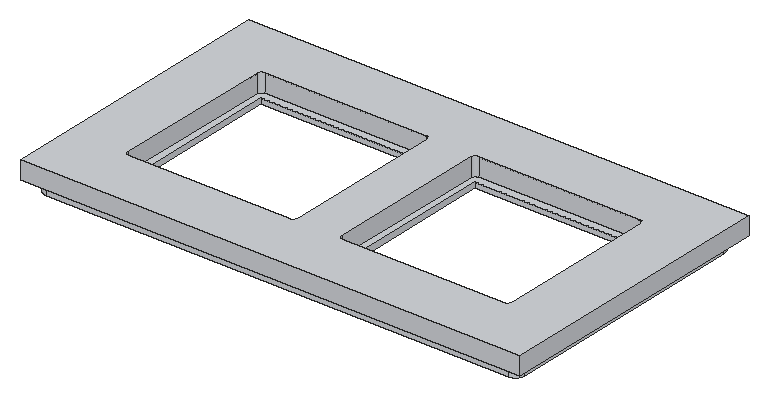
Revit family "Gira_0212223", category Electrical Fixtures, host Face, Revit 2017
Family settings
  Host = Face
  Maintain Annotation Orientation = No
  Round Connector Dimension = Use Diameter
  Part Type = Normal
  Cut with Voids When Loaded = No
  Shared = No
  Room Calculation Point = No
Parameters (values of type "Abdeckrahmen 2f Gira Esprit Lin.Mpx.Dklbraun")
  Werkstoffgüte = "sonstige"
  Werkstoff = "sonstige"
  URL = "http://katalog.gira.de/de_DE/datenblatt.html?artikelnr=0212223"
  Transparent = "No"
  Textfeld/Beschriftungsfläche = "No"
  Schutzart (IP) = "IP20"
  Region = "DE"
  Oberfläche = "sonstige"
  Name = "Abdeckrahmen 2f Gira Esprit Lin.Mpx.Dklbraun"
  Montagerichtung = "horizontal und vertikal"
  Mit Montagerahmen = "No"
  Mit Klappdeckel = "No"
  Manufacturer URL = "https://www.gira.de/"
  Keynote = "Espr._Rahmen_2fach"
  HeinzeBIM = "https://bimportal.heinze.de/bim/abdeckrahmen-2f-gira-esprit-lin-mpx-dklbraun/985e1e011a5fc73700349f2967378b7c67063d02"
  Halogenfrei = "No"
  HAN = "0212223"
  Geeignet für Unterputz-Installation = "Yes"
  Geeignet für Unterflurkanaldose = "No"
  Geeignet für Geräteeinbaukanal = "No"
  Geeignet für Einbauinstallation = "No"
  GTIN = "4010337015949"
  Farbe = "sonstige"
  Default Elevation = 1219.2 mm
  Data sheet (1) = "https://katalog.gira.de/de_DE/download.html?artikelnr=0212223"
  Category = "Abdeckrahmen"
  Befestigungsart = "Klemmbefestigung"
  Available = "Yes"
  Anzahl der Einheiten vertikal = "2 "
  Anzahl der Einheiten horizontal = "2 "
  Anzahl der Einheiten = "2 "
Reference planes
  plane 1 "Center (Front/Back)": y = 0
  plane 2: z = 0
  plane 3 "Center (Left/Right)": x = 0
Forms (mm)
  Extrusion 1, solid, detail levels fine
    sketch origin (0, 0, 0) x (1, 0, 0) y (0, 1, 0)
      loop
        line (-83, 47.5) -> (-83, -47.5) -> (83, -47.5) -> (83, 47.5) -> (-83, 47.5)
      loop
        arc (-63.75, -26.7) -> (-63.311, -27.761) -> (-62.25, -28.2) r 1.5
        line (-62.25, -28.2) -> (-8.85, -28.2)
        arc (-8.85, -28.2) -> (-7.789, -27.761) -> (-7.35, -26.7) r 1.5
        line (-7.35, -26.7) -> (-7.35, 26.7)
        arc (-7.35, 26.7) -> (-7.789, 27.761) -> (-8.85, 28.2) r 1.5
        line (-8.85, 28.2) -> (-62.25, 28.2)
        arc (-62.25, 28.2) -> (-63.311, 27.761) -> (-63.75, 26.7) r 1.5
        line (-63.75, 26.7) -> (-63.75, -26.7)
      loop
        line (63.75, -26.7) -> (63.75, 26.7)
        arc (63.75, 26.7) -> (63.311, 27.761) -> (62.25, 28.2) r 1.5
        line (62.25, 28.2) -> (8.85, 28.2)
        arc (8.85, 28.2) -> (7.789, 27.761) -> (7.35, 26.7) r 1.5
        line (7.35, 26.7) -> (7.35, -26.7)
        arc (7.35, -26.7) -> (7.789, -27.761) -> (8.85, -28.2) r 1.5
        line (8.85, -28.2) -> (62.25, -28.2)
        arc (62.25, -28.2) -> (63.311, -27.761) -> (63.75, -26.7) r 1.5
    from 0 to 6
  Extrusion 2, solid, detail levels fine
    sketch origin (0, 0, 0) x (1, 0, 0) y (0, 1, 0)
      loop
        line (-61.45, -25.7) -> (-9.65, -25.7) -> (-9.65, 25.7) -> (-61.45, 25.7) -> (-61.45, -25.7)
      loop
        line (61.45, 25.7) -> (9.65, 25.7) -> (9.65, -25.7) -> (61.45, -25.7) -> (61.45, 25.7)
      loop
        arc (-78.454, -41.3) -> (-77.927, -42.573) -> (-76.654, -43.1) r 1.8
        line (-76.654, -43.1) -> (76.654, -43.1)
        arc (76.654, -43.1) -> (77.927, -42.573) -> (78.454, -41.3) r 1.8
        line (78.454, -41.3) -> (78.454, 41.3)
        arc (78.454, 41.3) -> (77.927, 42.573) -> (76.654, 43.1) r 1.8
        line (76.654, 43.1) -> (-76.654, 43.1)
        arc (-76.654, 43.1) -> (-77.927, 42.573) -> (-78.454, 41.3) r 1.8
        line (-78.454, 41.3) -> (-78.454, -41.3)
    from -1.9 to 0
  Extrusion 3, solid, detail levels fine
    sketch origin (0, 0, 0) x (1, 0, 0) y (0, 1, 0)
      loop
        arc (-76.75, 44.4) -> (-78.871, 43.521) -> (-79.75, 41.4) r 3
        line (-79.75, 41.4) -> (-79.75, -41.4)
        arc (-79.75, -41.4) -> (-78.871, -43.521) -> (-76.75, -44.4) r 3
        line (-76.75, -44.4) -> (76.75, -44.4)
        arc (76.75, -44.4) -> (78.871, -43.521) -> (79.75, -41.4) r 3
        line (79.75, -41.4) -> (79.75, 41.4)
        arc (79.75, 41.4) -> (78.871, 43.521) -> (76.75, 44.4) r 3
        line (76.75, 44.4) -> (-76.75, 44.4)
      loop
        arc (-78.55, -41.4) -> (-78.023, -42.673) -> (-76.75, -43.2) r 1.8
        line (-76.75, -43.2) -> (76.75, -43.2)
        arc (76.75, -43.2) -> (78.023, -42.673) -> (78.55, -41.4) r 1.8
        line (78.55, -41.4) -> (78.55, 41.4)
        arc (78.55, 41.4) -> (78.023, 42.673) -> (76.75, 43.2) r 1.8
        line (76.75, 43.2) -> (-76.75, 43.2)
        arc (-76.75, 43.2) -> (-78.023, 42.673) -> (-78.55, 41.4) r 1.8
        line (-78.55, 41.4) -> (-78.55, -41.4)
    from -3.7 to 0
  Extrusion 4, solid, detail levels medium
    sketch origin (0, 0, 0) x (1, 0, 0) y (0, 1, 0)
      loop
        line (-83, 47.5) -> (-83, -47.5) -> (83, -47.5) -> (83, 47.5) -> (-83, 47.5)
    from 0 to 6
  Extrusion 5, solid, detail levels medium
    sketch origin (0, 0, 0) x (1, 0, 0) y (0, 1, 0)
      loop
        line (-79.75, 44.4) -> (-79.75, -44.4) -> (79.75, -44.4) -> (79.75, 44.4) -> (-79.75, 44.4)
    from -3.7 to 0
  Extrusion 6, solid, detail levels coarse
    sketch origin (0, 0, 0) x (1, 0, 0) y (0, 1, 0)
      loop
        line (-83, 47.5) -> (-83, -47.5) -> (83, -47.5) -> (83, 47.5) -> (-83, 47.5)
    from -3.7 to 6
Dimensions and locks
  aligned and locked: plane 2 to host face
  aligned and locked: level to host face
